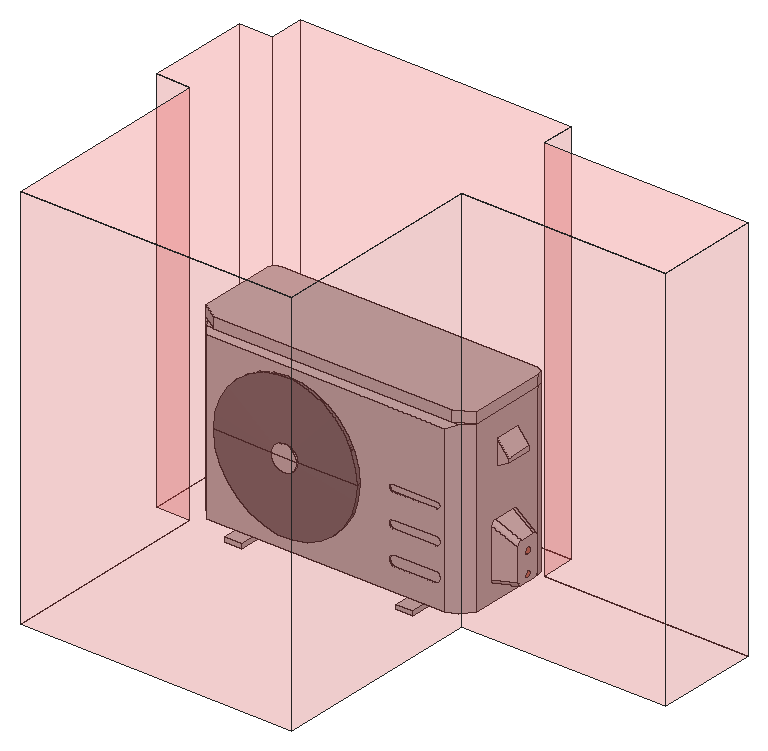
Revit family "Heat Pump-Split System-Outdoor-Carrier-Single Phase-0.75-3 ton", category Mechanical Equipment, Revit 2015
Parameters (values of type "38MAQB09R--1 - 115 v")
  Voltage = 115 V
  Visibility 2 = Cooling Capacity > 5861.42 VA  # no
  Visibility 1 = and(Cooling Capacity > 4982.21 VA, Cooling Capacity < 5568.35 VA)  # no
  Unit Net Weight = 82.90 lbm
  URL = "www.carrier.com"
  Type Comments = "0.75 ton Cooling Capacity - 115 v"
  Shroud Radius = Shroud Diameter / 2  # 8.50"
  Shroud Diameter = if(Cooling Capacity < 5275.28 VA, 17.00", if(Visibility 1, 20.00", 23.00"))  # 17.00"
  Shroud Cap Radius = 1.50"
  Length 28 = Relief Width / 2 + 2.50"  # 5.50"
  Length 26 = Relief Width / 2 + 0.50"  # 3.50"
  Length 25 = if(Visibility 2, Height - 1.24", 0.20")  # 0.20"
  Length 24 [instance] = if(Clearance Zones, Clearance Top, 0.00")  # 24.00"
  Length 23 = if(Cooling Capacity < 7033.71 VA, 0.50", 2.00")  # 0.50"
  Length 22 = if(Cooling Capacity < 7033.71 VA, 1.50", 0.75")  # 1.50"
  Length 21 = DX Shield Width + 1.00"  # 3.75"
  Length 20 = DX Liquid Socket Radius + 0.50"  # 0.775"
  Length 19 = DX Gas Socket Radius + 1.13"  # 1.4675"
  DX Shield Width = 2.75"
  DX Shield Length = 2.79"
  Relief Width = 6.00"
  Relief 3 Height = if(Visibility 1, 1.25", 0.75")  # 0.75"
  Relief 2 Height = if(Visibility 1, 1.25", 1.00")  # 1.00"
  Relief 1 Height = 1.25"
  Model = "38MAQB09R--1"
  Minimum Circuit Amps = 15 A
  Maximum Overcurrent Protection = 20 A
  Manufacturer = "Carrier"
  Lid Width = Body Width - 1.00"  # 11.23"
  Length 9 = DX Gas Socket Radius + 0.10"  # 0.4375"
  Length 8 [instance] = if(Clearance Zones, 0.00", 1.00")  # 0.00"
  Length 7 = Length - 10.00"  # 22.04"
  Length 6 = 0.10"
  Length 5 [instance] = if(Clearance Zones, Clearance Right, 0.00")  # 24.00"
  Length 4 [instance] = if(Clearance Zones, Clearance Left, 0.00")  # 4.00"
  Length 3 [instance] = if(Clearance Zones, Clearance Back, 0.00")  # 4.00"
  Length 2 [instance] = if(Clearance Zones, Clearance Front, 0.00")  # 24.00"
  Length 18 = Relief Width - Relief 3 Height  # 5.25"
  Length 17 = Relief Width - Relief 2 Height  # 5.00"
  Length 16 = Relief Width - Relief 1 Height  # 4.75"
  Length 15 = 2.00"
  Length 14 = Shroud Radius * 2 / 3  # 5.66667"
  Length 13 = Shroud Radius * 1 / 3  # 2.83333"
  Length 12 = 1.50"  # constant formula
  Length 11 = 0.50"  # constant formula
  Length 10 = DX Liquid Socket Radius + 0.10"  # 0.375"
  Highlight Material = Paint - Carrier - Black
  Heating Capacity = 11000.0 Btu/h
  Guard Material 2 = Metal - Carrier - Grille
  Frequency = 60 Hz
  Fan X Offset = Shroud Diameter / 2 + 3.00"  # 11.50"
  Fan Radius = Fan Diameter / 2  # 8.00"
  Fan Material = Metal - Carrier - Fan 1
  Fan Diameter = Shroud Diameter - 1.00"  # 16.00"
  Description = "Heat Pump Outdoor Unit Single Phase"
  DX Liquid Z Offset Label [instance] = if(DX Liquid Z Offset > 6.00" - DX Liquid Socket Radius, 6.00" - DX Liquid Socket Radius, if(DX Liquid Z Offset < DX Liquid Socket Radius, DX Liquid Socket Radius, DX Liquid Z Offset))  # 3.26"
  DX Liquid Z Offset = 3.26"
  DX Liquid Socket Radius = DX Liquid Radius + 0.15"  # 0.275"
  DX Gas Z Offset Label [instance] = if(DX Gas Z Offset > 6.00" - DX Gas Socket Radius, 6.00" - DX Gas Socket Radius, if(DX Gas Z Offset < DX Gas Socket Radius, DX Gas Socket Radius, DX Gas Z Offset))  # 5.6625"
  DX Gas Z Offset = 5.72"
  DX Gas Socket Radius = DX Gas Radius + 0.15"  # 0.3375"
  DX Connection Y Offset = 7.25"
  Cooling Capacity = 9000.0 Btu/h
  Connection Material = Metal - Carrier - Copper
  Clearance Zones [instance] = yes
  Clearance Top [instance] = 24.00"
  Clearance Right [instance] = 24.00"
  Clearance Material = Clearance Zones
  Clearance Left [instance] = 4.00"
  Clearance Front [instance] = 24.00"
  Clearance Back [instance] = 4.00"
  Height = 21.81"
  Power Factor = 0.8
  Phase = 1
  Number of Poles = 2
  Load Classification = HVAC
  Length 1 = (Height - 1.65" - 2.00" - 2.50") / 6  # 2.61"
  Guard Material 1 = Metal - Carrier - Grille Square
  Foot Width = 2.00"
  Foot Center to Center = 20.22"
  DX Liquid Radius = DX Liquid Diameter / 2  # 1/8"
  DX Liquid Diameter = 1/4"
  DX Gas Radius = DX Gas Diameter / 2  # 3/16"
  DX Gas Diameter = 3/8"
  Body Material = Paint - Carrier - Silky Shade
  Base Material = Metal - Carrier - Base Steel
  Length = 32.04"
  Width = 14.36"
  Body Width = 12.23"
  Assembly Code = "D3030200"
  Apparent Load = Voltage * Minimum Circuit Amps / Power Factor  # 2156.25 VA
Reference planes (in)
  plane 1 "Center (Front/Back)": y = 0
  plane 2 "Bottom": z = 0
  plane 3 "Center (Left/Right)": x = 0
  plane 4 "body back": y = 6.115
  plane 5 "body front": y = -6.115
  plane 6 "Left": x = -16.02
  plane 7 "Right": x = 16.02
  plane 8 "Top": z = 21.81
  plane 9: z = 0.65
  plane 10 "base top": z = 0.47
  plane 11: x = -10.11
  plane 12: x = 10.11
  plane 13 "Back": y = 7.18
  plane 14 "Front": y = -7.18
  plane 15 "guard front": y = -6.655
  plane 16: z = 20.57378
  plane 17: x = -14.02
  plane 18: z = 1.05
  plane 19: z = 20.37378
  plane 20: x = 11.11
  plane 21: x = 9.11
  plane 22 "Clearance Left": x = -20.02
  plane 23 "Clearance Back": y = 10.115
  plane 24 "Clearance Right": x = 40.02
  plane 25: y = 4.615
  plane 26: y = -4.615
  plane 27: x = -14.52
  plane 28: y = -6.015
  plane 29 "dx gas z cl": z = 6.37
  plane 30 "dx liquid z cl": z = 3.91
  plane 31: y = 6.6475
  plane 32 "fan 1 z cl": z = 10.905
  plane 33 "fan x cl": x = -4.52
  plane 34 "pipe y cl": y = 0.07
  plane 35 "body right": x = 15.92
  plane 36: z = 15.54283
  plane 37: z = 5.88094
  plane 38: z = 10.71189
  plane 39 "lid front": y = -5.115
  plane 40: y = -3.865
  plane 41: y = -6.555
  plane 42 "relief 1 z cl": z = 4.28167
  plane 43 "relief 2 z cl": z = 8.09333
  plane 44 "relief 3 z cl": z = 11.905
  plane 45 "Shield right": x = 18.81
  plane 46 "dx shield top": z = 7.8375
  plane 47 "dx shield bottom": z = 3.135
  plane 48 "elec body bottom": z = 14.81
  plane 49 "elec body top": z = 17.81
  plane 50 "elec body y cl": y = 0.5
  plane 51: y = -31.18
  plane 52 "clearance top": z = 45.81
  plane 53 "trim void top": z = 0.2
  plane 54: x = 7.02
  plane 55 "relief x cl": x = 10.52
Forms (in)
  Extrusion 1, solid, material "Metal - Carrier - Base Steel" <- "Base Material", detail levels medium+fine
    sketch origin (0, 0, 21.81) x (-1, 0, 0) y (0, -1, 0)
      loop
        line (14.52, -4.615) -> (14.52, 4.615) -> (-14.52, 4.615) -> (-14.52, -4.615) -> (14.52, -4.615)
    from -21.34 to -21.16
  Extrusion 2, solid, material "Paint - Carrier - Silky Shade" <- "Body Material", detail levels medium+fine
    sketch origin (0, 0, 0) x (1, 0, 0) y (0, 1, 0)
      loop
        line (-11.11, 7.18) -> (-11.11, -7.18) -> (-9.11, -7.18) -> (-9.11, 7.18) -> (-11.11, 7.18)
      loop
        line (9.11, 7.18) -> (9.11, -7.18) -> (11.11, -7.18) -> (11.11, 7.18) -> (9.11, 7.18)
    from 0 to 0.47
  Extrusion 3, solid, material "Paint - Carrier - Silky Shade" <- "Body Material", detail levels medium+fine
    sketch origin (0, 0, 0) x (1, 0, 0) y (0, 1, 0)
      loop
        line (-16.02, 5.215) -> (-16.02, -3.865) -> (-14.02, -6.115) -> (14.02, -6.115) -> (16.02, -3.865) -> (16.02, 5.115)
        arc (16.02, 5.115) -> (15.72711, 5.82211) -> (15.02, 6.115) r 1
        line (15.02, 6.115) -> (-15.12, 6.115)
        arc (-15.12, 6.115) -> (-15.7564, 5.8514) -> (-16.02, 5.215) r 0.9
    from 0.65 to 20.57378
  Extrusion 4, solid, detail levels coarse
    sketch origin (0, 0, 0) x (1, 0, 0) y (0, 1, 0)
      loop
        arc (-15.02, 6.115) -> (-15.72711, 5.82211) -> (-16.02, 5.115) r 1
        line (-16.02, 5.115) -> (-16.02, -3.865) -> (-14.02, -6.115) -> (14.02, -6.115) -> (16.02, -3.865) -> (16.02, 5.115)
        arc (16.02, 5.115) -> (15.72711, 5.82211) -> (15.02, 6.115) r 1
        line (15.02, 6.115) -> (-15.02, 6.115)
    from 0 to 21.81
  Extrusion 5, solid, material "Clearance Zones" <- "Clearance Material", visible <- "Clearance Zones"
    sketch origin (0, 0, 0) x (1, 0, 0) y (0, 1, 0)
      loop
        line (-16.02, 10.115) -> (-16.02, 6.115) -> (-20.02, 6.115) -> (-20.02, -6.115) -> (-16.02, -6.115) -> (-16.02, -31.18) -> (16.02, -31.18) -> (16.02, -6.115) -> (40.02, -6.115) -> (40.02, 6.115) -> (16.02, 6.115) -> (16.02, 10.115) -> (-16.02, 10.115)
    from 0 to 45.81
  Extrusion 6, solid, material "Paint - Carrier - Silky Shade" <- "Body Material", detail levels medium+fine
    sketch origin (0, 0, 21.81) x (-1, 0, 0) y (0, -1, 0)
      loop
        arc (15.02, -6.115) -> (15.72711, -5.82211) -> (16.02, -5.115) r 1
        line (16.02, -5.115) -> (16.02, 3.865) -> (14.02, 5.115) -> (-14.02, 5.115) -> (-16.02, 3.865) -> (-16.02, -5.115)
        arc (-16.02, -5.115) -> (-15.72711, -5.82211) -> (-15.02, -6.115) r 1
        line (-15.02, -6.115) -> (15.02, -6.115)
    from -1.23622 to 0
  Extrusion 7, solid, material "Metal - Carrier - Grille" <- "Guard Material 2", detail levels medium+fine
    sketch origin (0, 6.115, 0) x (-1, 0, 0) y (0, 0, 1)
      loop
        line (-10.11, 20.37378) -> (-10.11, 1.05) -> (14.02, 1.05) -> (14.02, 20.37378) -> (-10.11, 20.37378)
    from 0.1 to 0
  Extrusion 8, void
    sketch origin (0, -6.115, 0) x (-1, 0, 0) y (0, 0, 1)
      loop
        circle (4.52, 10.905) r 8
    from -1.065 to 1.5
  Extrusion 9, solid, material "Metal - Carrier - Copper" <- "Connection Material", detail levels medium+fine
    sketch origin (16.02, 0, 0) x (0, 1, 0) y (0, 0, 1)
      loop
        circle (0.07, 3.91) r 0.275
      loop
        circle (0.07, 6.37) r 0.3375
    from -0.2 to -0.1
  Extrusion 10, void
    sketch origin (16.02, 0, 0) x (0, 1, 0) y (0, 0, 1)
      loop
        line (-6.115, 20.57378) -> (-6.115, 20.32378) -> (-5.115, 20.57378) -> (-6.115, 20.57378)
      loop
        line (-6.115, 0.9) -> (-6.115, 0.65) -> (-5.115, 0.65) -> (-6.115, 0.9)
    from -32.04 to 0
  Revolve 11, solid, material "Metal - Carrier - Grille Square" <- "Guard Material 1", detail levels medium+fine
    sketch origin (0, 0, 10.905) x (-1, 0, 0) y (0, -1, 0)
      loop
        line (13.02, 6.43281) -> (6.02, 6.555) -> (6.02, 6.655) -> (4.52, 6.655) -> (4.52, 6.115) -> (13.02, 6.115) -> (13.02, 6.43281)
      axis (4.52, 6.115) -> (4.52, 6.655)
    angle from 0 to 360
  Extrusion 12, void
    sketch origin (0, -6.115, 0) x (-1, 0, 0) y (0, 0, 1)
      loop
        line (-8.145, 4.90667) -> (-12.895, 4.90667)
        arc (-12.895, 4.90667) -> (-13.52, 4.28167) -> (-12.895, 3.65667) r 0.625
        line (-12.895, 3.65667) -> (-8.145, 3.65667)
        arc (-8.145, 3.65667) -> (-7.52, 4.28167) -> (-8.145, 4.90667) r 0.625
      loop
        line (-8.02, 8.59333) -> (-13.02, 8.59333)
        arc (-13.02, 8.59333) -> (-13.52, 8.09333) -> (-13.02, 7.59333) r 0.5
        line (-13.02, 7.59333) -> (-8.02, 7.59333)
        arc (-8.02, 7.59333) -> (-7.52, 8.09333) -> (-8.02, 8.59333) r 0.5
      loop
        line (-7.895, 12.28) -> (-13.145, 12.28)
        arc (-13.145, 12.28) -> (-13.52, 11.905) -> (-13.145, 11.53) r 0.375
        line (-13.145, 11.53) -> (-7.895, 11.53)
        arc (-7.895, 11.53) -> (-7.52, 11.905) -> (-7.895, 12.28) r 0.375
    from 0 to 0.05
  Blend 13, solid, material "Paint - Carrier - Silky Shade" <- "Body Material", detail levels medium+fine
    base sketch origin (16.02, 0, 0) x (0, 1, 0) y (0, 0, 1)
      loop
        arc (-0.805, 7.8375) -> (-1.15855, 7.69105) -> (-1.305, 7.3375) r 0.5
        line (-1.305, 7.3375) -> (-1.305, 3.635)
        arc (-1.305, 3.635) -> (-1.15855, 3.28145) -> (-0.805, 3.135) r 0.5
        line (-0.805, 3.135) -> (0.945, 3.135)
        arc (0.945, 3.135) -> (1.29855, 3.28145) -> (1.445, 3.635) r 0.5
        line (1.445, 3.635) -> (1.445, 7.3375)
        arc (1.445, 7.3375) -> (1.29855, 7.69105) -> (0.945, 7.8375) r 0.5
        line (0.945, 7.8375) -> (-0.805, 7.8375)
    top sketch origin (16.02, 0, 0) x (0, 1, 0) y (0, 0, 1)
      loop
        arc (-1.305, 9.3375) -> (-1.65855, 9.19105) -> (-1.805, 8.8375) r 0.5
        line (-1.805, 8.8375) -> (-1.805, 3.135)
        arc (-1.805, 3.135) -> (-1.65855, 2.78145) -> (-1.305, 2.635) r 0.5
        line (-1.305, 2.635) -> (1.445, 2.635)
        arc (1.445, 2.635) -> (1.79855, 2.78145) -> (1.945, 3.135) r 0.5
        line (1.945, 3.135) -> (1.945, 8.8375)
        arc (1.945, 8.8375) -> (1.79855, 9.19105) -> (1.445, 9.3375) r 0.5
        line (1.445, 9.3375) -> (-1.305, 9.3375)
    from 2.79 to 0
  Extrusion 14, solid, material "Metal - Carrier - Copper" <- "Connection Material", detail levels medium+fine
    sketch origin (18.81, 10.16464, 48) x (0, 1, 0) y (0, 0, 1)
      loop
        circle (-10.09464, -41.63) r 0.3375
      loop
        circle (-10.09464, -44.09) r 0.275
    from 0.01 to -0.1
  Extrusion 15, solid, material "Paint - Carrier - Silky Shade" <- "Body Material", detail levels medium+fine
    sketch origin (0, 0.5, 0) x (-1, 0, 0) y (0, 0, 1)
      loop
        line (-16.02, 17.81) -> (-17.415, 16.1154) -> (-17.415, 15.6154) -> (-16.02, 14.81) -> (-16.02, 17.81)
    from -1.5 to 1.5
  Extrusion 16, solid, material "Paint - Carrier - Silky Shade" <- "Body Material", detail levels medium+fine
    sketch origin (16.02, 0.5, 14.81) x (0.866025, 0, 0.5) y (0, -1, 0)
      loop
        circle (0.69852, 0.75) r 0.25
      loop
        circle (0.69852, -0.75) r 0.25
    from 0 to -0.5
  Extrusion 17, void
    sketch origin (0, 0, 14.81) x (-1, 0, 0) y (0, -1, 0)
      loop
        circle (-7.02, 6.115) r 0.05
    from -14.81 to -14.61
Cuts and joins
  Extrusion 8, Extrusion 10, Extrusion 12, Extrusion 17 cuts Extrusion 3
Lines and regions (in)
  Masking region 1
    outline origin (0, 0, 21.81) x (-1, 0, 0) y (0, -1, 0)
      loop
        arc (15.02, -6.115) -> (15.72711, -5.82211) -> (16.02, -5.115) r 1
        line (16.02, -5.115) -> (16.02, 3.865) -> (14.02, 6.115) -> (-14.02, 6.115) -> (-16.02, 3.865) -> (-16.02, -5.115)
        arc (-16.02, -5.115) -> (-15.72711, -5.82211) -> (-15.02, -6.115) r 1
        line (-15.02, -6.115) -> (15.02, -6.115)
  Masking region 2, detail levels medium+fine
    outline origin (0, 0, 0.47) x (-1, 0, 0) y (0, -1, 0)
      loop
        line (11.11, -7.18) -> (11.11, 7.18) -> (9.11, 7.18) -> (9.11, -7.18) -> (11.11, -7.18)
      loop
        line (-11.11, -7.18) -> (-9.11, -7.18) -> (-9.11, 7.18) -> (-11.11, 7.18) -> (-11.11, -7.18)
  Masking region 3, detail levels coarse
    outline origin (0, 0, 0) x (1, 0, 0) y (0, 0, 1)
      loop
        line (-16.02, 21.81) -> (-16.02, 0) -> (16.02, 0) -> (16.02, 21.81) -> (-16.02, 21.81)
  Masking region 4, detail levels medium+fine
    outline origin (0, 0, 0) x (1, 0, 0) y (0, 0, 1)
      loop
        line (16.02, 0.65) -> (16.02, 2.635) -> (18.81, 3.135) -> (18.81, 7.8375) -> (16.02, 9.3375) -> (16.02, 14.81) -> (17.415, 15.6154) -> (17.415, 16.1154) -> (16.02, 17.81) -> (16.02, 21.81) -> (-16.02, 21.81) -> (-16.02, 0.65) -> (-14.52, 0.65) -> (-14.52, 0.47) -> (-11.11, 0.47) -> (-11.11, 0) -> (-9.11, 0) -> (-9.11, 0.47) -> (9.11, 0.47) -> (9.11, 0) -> (11.11, 0) -> (11.11, 0.47) -> (14.52, 0.47) -> (14.52, 0.65) -> (16.02, 0.65)
  Masking region 5, detail levels coarse
    outline origin (0, 0, 0) x (0, 1, 0) y (0, 0, 1)
      loop
        line (6.115, 21.81) -> (-6.115, 21.81) -> (-6.115, 0) -> (6.115, 0) -> (6.115, 21.81)
  Masking region 6, detail levels medium+fine
    outline origin (0, 0, 0) x (0, 1, 0) y (0, 0, 1)
      loop
        line (4.615, 0.65) -> (6.115, 0.65) -> (6.115, 21.81) -> (-5.115, 21.81) -> (-5.115, 20.57378) -> (-6.115, 20.32378) -> (-6.115, 0.9) -> (-5.115, 0.65) -> (-4.615, 0.65) -> (-4.615, 0.47) -> (-7.18, 0.47) -> (-7.18, 0) -> (7.18, 0) -> (7.18, 0.47) -> (4.615, 0.47) -> (4.615, 0.65)
  Masking region 7, detail levels fine
    outline origin (-16.02, 0, 0) x (0, 1, 0) y (0, 0, 1)
      loop
        line (-6.655, 2.405) -> (-6.115, 2.405) -> (-6.115, 19.405) -> (-6.655, 19.405) -> (-6.655, 2.405)
  Masking region 8, detail levels fine
    outline origin (0, 0, 10.905) x (-1, 0, 0) y (0, -1, 0)
      loop
        line (13.02, 6.115) -> (13.02, 6.655) -> (-3.98, 6.655) -> (-3.98, 6.115) -> (13.02, 6.115)
  Masking region 9, detail levels medium+fine
    outline origin (0, 0, 7.8375) x (0, -1, 0) y (1, 0, 0)
      loop
        line (-1.945, 16.02) -> (1.805, 16.02) -> (1.305, 18.81) -> (-1.445, 18.81) -> (-1.945, 16.02)
  Masking region 10, detail levels medium+fine
    outline origin (0, 0, 17.81) x (-1, 0, 0) y (0, -1, 0)
      loop
        line (-16.02, -2) -> (-16.02, 1) -> (-17.415, 1) -> (-17.415, -2) -> (-16.02, -2)
  symbolic lines, detail levels medium+fine
    curve 1: line (-14.52, -6.655, 0.65) -> (14.52, -6.655, 0.65)
    curve 2: circle (-4.52, -6.655, 10.905) r 1.5 normal (0, -1, 0)
    curve 3: circle (-4.52, -6.655, 10.905) r 8 normal (0, -1, 0)
    curve 4: line (-15.92, -6.115, 20.57378) -> (15.92, -6.115, 20.57378)
    curve 5: line (-14.02, 6.115, 20.37378) -> (10.11, 6.115, 20.37378)
    curve 6: line (10.11, 6.115, 20.37378) -> (10.11, 6.115, 1.05)
    curve 7: line (10.11, 6.115, 1.05) -> (-14.02, 6.115, 1.05)
    curve 8: line (-14.02, 6.115, 1.05) -> (-14.02, 6.115, 20.37378)
    curve 9: line (-16.02, 4.615, 0.47) -> (-16.02, -4.615, 0.47)
    curve 10: line (-16.02, -4.615, 0.65) -> (-16.02, 4.615, 0.65)
    curve 32: circle (16.02, 0.07, 6.37) r 0.3375 normal (1, 0, 0)
    curve 33: circle (16.02, 0.07, 6.37) r 0.1875 normal (1, 0, 0)
    curve 34: circle (16.02, 0.07, 3.91) r 0.125 normal (1, 0, 0)
    curve 35: circle (16.02, 0.07, 3.91) r 0.275 normal (1, 0, 0)
    curve 47: line (14.02, -5.115, 21.81) -> (16.02, -3.865, 21.81)
    curve 48: line (-14.02, -5.115, 21.81) -> (14.02, -5.115, 21.81)
    curve 49: line (-16.02, -3.865, 21.81) -> (-14.02, -5.115, 21.81)
    curve 50: line (0, -3.865, 0.65) -> (0, -3.865, 21.81)
    curve 51: line (0, -5.115, 21.81) -> (0, -5.115, 20.57378)
    curve 52: line (16.02, 0, 21.81) -> (16.02, 0, 0.65)
    curve 53: line (14.90889, -7.18, 20.57378) -> (14.02, -7.18, 20.32378)
    curve 54: line (14.02, -7.18, 20.32378) -> (-14.02, -7.18, 20.32378)
    curve 55: line (14.02, -7.18, 0.9) -> (14.02, -7.18, 20.32378)
    curve 56: line (14.02, -7.18, 0.9) -> (14.90889, -7.18, 0.65)
    curve 57: line (-14.02, -7.18, 0.9) -> (14.02, -7.18, 0.9)
    curve 58: line (-14.90889, -7.18, 0.65) -> (-14.02, -7.18, 0.9)
    curve 59: line (-14.02, -7.18, 20.32378) -> (-14.90889, -7.18, 20.57378)
    curve 60: line (-14.02, -7.18, 21.81) -> (-14.02, -7.18, 20.57378)
    curve 61: line (14.02, -7.18, 20.57378) -> (14.02, -7.18, 21.81)
    curve 62: line (13.145, -7.18, 12.28) -> (7.895, -7.18, 12.28)
    curve 63: arc (7.895, -7.18, 12.28) -> (7.52, -7.18, 11.905) -> (7.895, -7.18, 11.53) r 0.375
    curve 64: line (7.895, -7.18, 11.53) -> (13.145, -7.18, 11.53)
    curve 65: arc (13.145, -7.18, 11.53) -> (13.52, -7.18, 11.905) -> (13.145, -7.18, 12.28) r 0.375
    curve 66: line (13.02, -7.18, 8.59333) -> (8.02, -7.18, 8.59333)
    curve 67: arc (8.02, -7.18, 8.59333) -> (7.52, -7.18, 8.09333) -> (8.02, -7.18, 7.59333) r 0.5
    curve 68: line (8.02, -7.18, 7.59333) -> (13.02, -7.18, 7.59333)
    curve 69: arc (13.02, -7.18, 7.59333) -> (13.52, -7.18, 8.09333) -> (13.02, -7.18, 8.59333) r 0.5
    curve 70: line (12.895, -7.18, 4.90667) -> (8.145, -7.18, 4.90667)
    curve 71: arc (8.145, -7.18, 4.90667) -> (7.52, -7.18, 4.28167) -> (8.145, -7.18, 3.65667) r 0.625
    curve 72: line (8.145, -7.18, 3.65667) -> (12.895, -7.18, 3.65667)
    curve 73: arc (12.895, -7.18, 3.65667) -> (13.52, -7.18, 4.28167) -> (12.895, -7.18, 4.90667) r 0.625
    curve 74: line (-14.02, -7.18, 20.32378) -> (-14.02, -7.18, 0.9)
    curve 75: line (-11.11, -7.18, 0.47) -> (11.11, -7.18, 0.47)
    curve 76: line (16.02, -1, 17.81) -> (16.02, 2, 17.81)
    curve 77: line (16.02, -1, 14.81) -> (16.02, -1, 17.81)
    curve 78: line (16.02, 2, 14.81) -> (16.02, -1, 14.81)
    curve 79: line (16.02, 2, 17.81) -> (16.02, 2, 14.81)
    curve 80: line (16.02, 1.945, 8.8375) -> (16.02, 1.945, 3.135)
    curve 81: arc (16.02, 1.945, 3.135) -> (16.02, 1.79855, 2.78145) -> (16.02, 1.445, 2.635) r 0.5
    curve 82: line (16.02, 1.445, 2.635) -> (16.02, -1.305, 2.635)
    curve 83: arc (16.02, -1.305, 2.635) -> (16.02, -1.65855, 2.78145) -> (16.02, -1.805, 3.135) r 0.5
    curve 84: line (16.02, -1.805, 3.135) -> (16.02, -1.805, 8.8375)
    curve 85: arc (16.02, -1.805, 8.8375) -> (16.02, -1.65855, 9.19105) -> (16.02, -1.305, 9.3375) r 0.5
    curve 86: line (16.02, -1.305, 9.3375) -> (16.02, 1.445, 9.3375)
    curve 87: arc (16.02, 1.445, 9.3375) -> (16.02, 1.79855, 9.19105) -> (16.02, 1.945, 8.8375) r 0.5
    curve 88: line (16.02, 0.945, 7.8375) -> (16.02, -0.805, 7.8375)
    curve 89: arc (16.02, -0.805, 7.8375) -> (16.02, -1.15855, 7.69105) -> (16.02, -1.305, 7.3375) r 0.5
    curve 90: line (16.02, -1.305, 7.3375) -> (16.02, -1.305, 3.635)
    curve 91: arc (16.02, -1.305, 3.635) -> (16.02, -1.15855, 3.28145) -> (16.02, -0.805, 3.135) r 0.5
    curve 92: line (16.02, -0.805, 3.135) -> (16.02, 0.945, 3.135)
    curve 93: arc (16.02, 0.945, 3.135) -> (16.02, 1.29855, 3.28145) -> (16.02, 1.445, 3.635) r 0.5
    curve 94: line (16.02, 1.445, 3.635) -> (16.02, 1.445, 7.3375)
    curve 95: arc (16.02, 1.445, 7.3375) -> (16.02, 1.29855, 7.69105) -> (16.02, 0.945, 7.8375) r 0.5
    curve 96: line (16.02, -1, 16.1154) -> (16.02, 2, 16.1154)
    curve 97: line (16.02, -1, 15.6154) -> (16.02, 2, 15.6154)
    curve 98: spline (16.02, -0.25, 15.035) -> (16.02, -0.1853, 15.03926) -> (16.02, -0.125, 15.05175) -> (16.02, -0.07322, 15.07161) -> (16.02, -0.03349, 15.0975) -> (16.02, -0.00852, 15.12765) -> (16.02, 0, 15.16) -> (16.02, -0.00852, 15.19235) -> (16.02, -0.03349, 15.2225) -> (16.02, -0.07322, 15.24839) -> (16.02, -0.125, 15.26825) -> (16.02, -0.1853, 15.28074) -> (16.02, -0.25, 15.285) -> (16.02, -0.3147, 15.28074) -> (16.02, -0.375, 15.26825) -> (16.02, -0.42678, 15.24839) -> (16.02, -0.46651, 15.2225) -> (16.02, -0.49148, 15.19235) -> (16.02, -0.5, 15.16) -> (16.02, -0.49148, 15.12765) -> (16.02, -0.46651, 15.0975) -> (16.02, -0.42678, 15.07161) -> (16.02, -0.375, 15.05175) -> (16.02, -0.3147, 15.03926) -> (16.02, -0.25, 15.035)
    curve 99: spline (16.02, 1.25, 15.035) -> (16.02, 1.3147, 15.03926) -> (16.02, 1.375, 15.05175) -> (16.02, 1.42678, 15.07161) -> (16.02, 1.46651, 15.0975) -> (16.02, 1.49148, 15.12765) -> (16.02, 1.5, 15.16) -> (16.02, 1.49148, 15.19235) -> (16.02, 1.46651, 15.2225) -> (16.02, 1.42678, 15.24839) -> (16.02, 1.375, 15.26825) -> (16.02, 1.3147, 15.28074) -> (16.02, 1.25, 15.285) -> (16.02, 1.1853, 15.28074) -> (16.02, 1.125, 15.26825) -> (16.02, 1.07322, 15.24839) -> (16.02, 1.03349, 15.2225) -> (16.02, 1.00852, 15.19235) -> (16.02, 1, 15.16) -> (16.02, 1.00852, 15.12765) -> (16.02, 1.03349, 15.0975) -> (16.02, 1.07322, 15.07161) -> (16.02, 1.125, 15.05175) -> (16.02, 1.1853, 15.03926) -> (16.02, 1.25, 15.035)
    curve 101: line (-16.02, 6.115, 20.57378) -> (-16.02, -5.115, 20.57378)
  symbolic lines, style "Clearance Zones", visible <- "Clearance Zones"
    curve 11: line (-16.02, 10.115, 21.81) -> (-16.02, 6.115, 21.81)
    curve 12: line (-16.02, 6.115, 21.81) -> (-20.02, 6.115, 21.81)
    curve 13: line (-20.02, 6.115, 21.81) -> (-20.02, -5.115, 21.81)
    curve 14: line (-20.02, -5.115, 21.81) -> (-16.02, -5.115, 21.81)
    curve 15: line (-16.02, -5.115, 21.81) -> (-16.02, -6.115, 21.81)
    curve 16: line (-16.02, -6.115, 21.81) -> (16.02, -6.115, 21.81)
    curve 17: line (16.02, -6.115, 21.81) -> (16.02, -5.115, 21.81)
    curve 18: line (16.02, -5.115, 21.81) -> (40.02, -5.115, 21.81)
    curve 19: line (40.02, -5.115, 21.81) -> (40.02, 6.115, 21.81)
    curve 20: line (40.02, 6.115, 21.81) -> (16.02, 6.115, 21.81)
    curve 21: line (16.02, 6.115, 21.81) -> (16.02, 10.115, 21.81)
    curve 22: line (16.02, 10.115, 21.81) -> (-16.02, 10.115, 21.81)
    curve 24: line (-20.02, 6.115, 45.81) -> (40.02, 6.115, 45.81)
    curve 25: line (-20.02, 6.115, 0) -> (-20.02, 6.115, 45.81)
    curve 26: line (40.02, 6.115, 0) -> (-20.02, 6.115, 0)
    curve 27: line (40.02, 6.115, 45.81) -> (40.02, 6.115, 0)
    curve 28: line (-16.02, 10.115, 45.81) -> (-16.02, -31.18, 45.81)
    curve 29: line (-16.02, 10.115, 0) -> (-16.02, 10.115, 45.81)
    curve 30: line (-16.02, -31.18, 0) -> (-16.02, 10.115, 0)
    curve 31: line (-16.02, -31.18, 45.81) -> (-16.02, -31.18, 0)
  symbolic lines, detail levels coarse
    curve 23: line (16.02, 6.115, 9.3775) -> (16.02, 6.115, 3.73)
  symbolic lines, detail levels fine
    curve 36: line (-16.02, 4.385, 1.05) -> (-16.02, 4.385, 19.57378)
    curve 37: line (-16.02, 4.385, 19.57378) -> (-16.02, -3.115, 19.57378)
    curve 38: line (-16.02, -3.115, 1.05) -> (-16.02, 4.385, 1.05)
    curve 39: line (-16.02, -3.115, 19.57378) -> (-16.02, -3.115, 1.05)
    curve 40: circle (-4.52, -6.655, 10.905) r 8.5 normal (0, -1, 0)
    curve 41: circle (-4.52, -6.655, 10.905) r 2.83333 normal (0, -1, 0)
    curve 42: circle (-4.52, -6.655, 10.905) r 5.66667 normal (0, -1, 0)
    curve 43: line (-4.52, -6.655, 12.405) -> (-4.52, -6.655, 19.405)
    curve 44: line (-3.02, -6.655, 10.905) -> (3.98, -6.655, 10.905)
    curve 45: line (-4.52, -6.655, 9.405) -> (-4.52, -6.655, 2.405)
    curve 46: line (-6.02, -6.655, 10.905) -> (-13.02, -6.655, 10.905)
    curve 102: line (-16.02, 2.51, 19.57378) -> (-16.02, 2.51, 1.05)
    curve 103: line (-16.02, 0.635, 19.57378) -> (-16.02, 0.635, 1.05)
    curve 104: line (-16.02, -1.24, 19.57378) -> (-16.02, -1.24, 1.05)
    curve 105: line (-16.02, 4.385, 5.68094) -> (-16.02, -3.115, 5.68094)
    curve 106: line (-16.02, 4.385, 10.31189) -> (-16.02, -3.115, 10.31189)
    curve 107: line (-16.02, 4.385, 14.94283) -> (-16.02, -3.115, 14.94283)
  symbolic lines, visible <- "Visibility 2", detail levels medium+fine
    curve 100: line (7.02, -7.18, 0.9) -> (7.02, -7.18, 20.32378)
Dimensions and locks (in)
  equal spacing: plane 4 "body back", plane 1 "Center (Front/Back)", plane 5 "body front"
  "Body Width": plane 4 "body back" to plane 5 "body front"
  equal spacing: plane 6 "Left", plane 3 "Center (Left/Right)", plane 7 "Right"
  "Length": plane 6 "Left" to plane 7 "Right"
  "Height": plane 8 "Top" to plane 2 "Bottom"
  locked: plane 6 "Left" to Extrusion 1 sketch curve at 1.5
  locked: Extrusion 1 sketch curve to plane 4 "body back" at 1.5
  locked: Extrusion 1 sketch curve to plane 5 "body front" at 1.5
  equal spacing: plane 13 "Back", plane 1 "Center (Front/Back)", plane 14 "Front"
  "Width": plane 13 "Back" to plane 14 "Front"
  equal spacing: Extrusion 2 sketch curve, plane 11, Extrusion 2 sketch curve
  "Foot Width": Extrusion 2 sketch curve to Extrusion 2 sketch curve  (x2)
  equal spacing: Extrusion 2 sketch curve, plane 12, Extrusion 2 sketch curve
  locked: plane 8 "Top" to plane 16 at 1.23622
  "Foot Width": Masking region 2 sketch curve to Masking region 2 sketch curve  (x2)
  equal spacing: Masking region 2 sketch curve, plane 11, Masking region 2 sketch curve
  equal spacing: Masking region 2 sketch curve, plane 12, Masking region 2 sketch curve
  locked: plane 6 "Left" to Masking region 4 sketch curve at 1.5
  equal spacing: Masking region 4 sketch curve, plane 11, Masking region 4 sketch curve
  "Foot Width": Masking region 4 sketch curve to Masking region 4 sketch curve  (x2)
  equal spacing: Masking region 4 sketch curve, plane 12, Masking region 4 sketch curve
  locked: curve 1 to plane 6 "Left" at 1.5
  locked: plane 17 to plane 6 "Left" at 2
  locked: plane 18 to plane 9 at 0.4
  locked: plane 9 to plane 10 "base top" at 0.18
  locked: plane 10 "base top" to plane 2 "Bottom" at 0.47
  equal spacing: plane 21, plane 12, plane 20
  "Foot Width": plane 21 to plane 20
  "Length 4": plane 22 "Clearance Left" to plane 6 "Left"
  "Length 5": plane 7 "Right" to plane 24 "Clearance Right"
  locked: plane 4 "body back" to plane 25 at 1.5
  locked: plane 26 to plane 5 "body front" at 1.5
  locked: plane 6 "Left" to plane 27 at 1.5
  locked: plane 16 to plane 19 at 0.2
  "Length 8": plane 5 "body front" to Extrusion 5 sketch curve
  "Length 8": Extrusion 5 sketch curve to plane 4 "body back"
  "Length 8": Extrusion 5 sketch curve to plane 7 "Right"
  "Length 8": plane 6 "Left" to Extrusion 5 sketch curve
  "DX Gas Z Offset": plane 29 "dx gas z cl" to plane 9
  "DX Liquid Z Offset": plane 30 "dx liquid z cl" to plane 9
  equal spacing: plane 13 "Back", plane 31, plane 4 "body back"
  "Length 8": plane 4 "body back" to curve 20
  "Length 8": curve 21 to plane 7 "Right"
  "Length 8": plane 6 "Left" to curve 11
  "DX Connection Y Offset": plane 14 "Front" to plane 34 "pipe y cl"
  locked: plane 35 "body right" to plane 7 "Right" at 0.1
  locked: plane 15 "guard front" to plane 5 "body front" at 0.54
  locked: curve 37 to plane 16 at 1
  equal spacing: plane 19, plane 36, plane 38, plane 37, plane 18
  "Lid Width": plane 4 "body back" to plane 39 "lid front"
  locked: plane 40 to plane 39 "lid front" at 1.25
  locked: plane 6 "Left" to Extrusion 6 sketch curve at 2
  locked: Extrusion 6 sketch curve to plane 7 "Right" at 2
  equal spacing: plane 8 "Top", plane 32 "fan 1 z cl", plane 2 "Bottom"
  locked: Extrusion 3 sketch curve to plane 39 "lid front" at 1.25  (x2)
  locked: plane 6 "Left" to Extrusion 3 sketch curve at 2
  locked: Extrusion 3 sketch curve to plane 7 "Right" at 2
  Extrusion 10 sketch curve to Extrusion 10 sketch curve = 0.25"
  "Fan X Offset": plane 6 "Left" to plane 33 "fan x cl"
  locked: Extrusion 1 sketch curve to plane 7 "Right" at 1.5
  equal spacing: plane 11, plane 3 "Center (Left/Right)", plane 12
  "Foot Center to Center": plane 11 to plane 12
  "Shroud Radius": Revolve 11 sketch curve to Revolve 11 sketch curve
  "Shroud Cap Radius": Revolve 11 sketch curve to Revolve 11 sketch curve
  locked: plane 41 to plane 15 "guard front" at 0.1
  locked: plane 44 "relief 3 z cl" to plane 32 "fan 1 z cl" at 1
  equal spacing: plane 44 "relief 3 z cl", plane 43 "relief 2 z cl", plane 42 "relief 1 z cl", plane 10 "base top"
  equal spacing: Extrusion 12 sketch curve, plane 42 "relief 1 z cl", Extrusion 12 sketch curve
  "Relief 1 Height": Extrusion 12 sketch curve to Extrusion 12 sketch curve
  equal spacing: Extrusion 12 sketch curve, plane 55 "relief x cl", Extrusion 12 sketch curve  (x3)
  "Length 16": Extrusion 12 sketch curve to Extrusion 12 sketch curve
  equal spacing: Extrusion 12 sketch curve, plane 43 "relief 2 z cl", Extrusion 12 sketch curve
  "Relief 2 Height": Extrusion 12 sketch curve to Extrusion 12 sketch curve
  "Length 17": Extrusion 12 sketch curve to Extrusion 12 sketch curve
  equal spacing: Extrusion 12 sketch curve, plane 44 "relief 3 z cl", Extrusion 12 sketch curve
  "Relief 3 Height": Extrusion 12 sketch curve to Extrusion 12 sketch curve
  "Length 18": Extrusion 12 sketch curve to Extrusion 12 sketch curve
  "DX Shield Length": plane 7 "Right" to plane 45 "Shield right"
  "Length 19": plane 46 "dx shield top" to plane 29 "dx gas z cl"
  "Length 20": plane 30 "dx liquid z cl" to plane 47 "dx shield bottom"
  equal spacing: Blend 13 sketch curve, plane 34 "pipe y cl", Blend 13 sketch curve  (x2)
  "DX Shield Width": Blend 13 sketch curve to Blend 13 sketch curve
  "Length 21": Blend 13 sketch curve to Blend 13 sketch curve
  "Length 22": plane 46 "dx shield top" to Blend 13 sketch curve
  "Length 23": plane 47 "dx shield bottom" to Blend 13 sketch curve
  locked: plane 49 "elec body top" to plane 48 "elec body bottom" at 3
  locked: plane 8 "Top" to plane 49 "elec body top" at 4
  equal spacing: plane 7 "Right", Extrusion 15 sketch curve, plane 45 "Shield right"
  locked: Extrusion 15 sketch curve to Extrusion 15 sketch curve at 0.5
  equal spacing: plane 4 "body back", plane 50 "elec body y cl", plane 39 "lid front"
  locked: Extrusion 16 sketch curve to plane 50 "elec body y cl" at 0.75
  locked: plane 50 "elec body y cl" to Extrusion 16 sketch curve at 0.75
  locked: Extrusion 16 sketch curve to plane 48 "elec body bottom" at 0.34926  (x2)
  locked: Extrusion 10 sketch curve to Extrusion 10 sketch curve at 0.25
  plane 28 to plane 5 "body front" = 0.10"
  equal spacing: Masking region 9 sketch curve, plane 34 "pipe y cl", Masking region 9 sketch curve
  "DX Shield Width": Masking region 9 sketch curve to Masking region 9 sketch curve
  locked: Masking region 9 sketch curve to Masking region 9 sketch curve at 0.5  (x2)
  "Shroud Radius": Masking region 7 sketch curve to plane 32 "fan 1 z cl"  (x2)
  "Length 2": plane 14 "Front" to plane 51
  "Length 3": plane 23 "Clearance Back" to plane 4 "body back"
  "Length 24": plane 52 "clearance top" to plane 8 "Top"
  "Length 22": Masking region 4 sketch curve to plane 46 "dx shield top"
  "Length 23": plane 47 "dx shield bottom" to Masking region 4 sketch curve
  locked: curve 98 to plane 50 "elec body y cl" at 0.75
  locked: plane 50 "elec body y cl" to curve 99 at 0.75
  locked: curve 99 to plane 48 "elec body bottom" at 0.35
  locked: curve 98 to plane 48 "elec body bottom" at 0.35
  "Length 25": plane 53 "trim void top" to plane 2 "Bottom"
  "Length 26": plane 54 to plane 55 "relief x cl"
  locked: curve 99 to curve 99 at 0.125
  locked: curve 98 to curve 98 at 0.125
  "Length 28": plane 55 "relief x cl" to plane 7 "Right"
  "Length 26": plane 55 "relief x cl" to curve 100
  locked: curve 36 to curve 39 at 7.5
  locked: curve 39 to plane 15 "guard front" at 3.54
  equal spacing: curve 37, curve 107, curve 106, curve 105, curve 38
  equal spacing: curve 36, curve 102, curve 103, curve 104, curve 39
  radius of Masking region 1 sketch curve = 1.00"
  radius of Extrusion 4 sketch curve = 1.00"  (x2)
  radius of Extrusion 3 sketch curve = 1.00"
  radius of Extrusion 6 sketch curve = 1.00"  (x2)
  radius of Extrusion 3 sketch curve = 0.90"
  "Fan Radius": radius of Extrusion 8 sketch curve
  "DX Liquid Socket Radius": radius of Extrusion 9 sketch curve
  "DX Gas Socket Radius": radius of Extrusion 9 sketch curve
  "DX Gas Radius": radius of curve 33
  "DX Liquid Radius": radius of curve 34
  "Length 14": radius of curve 42
  "Length 13": radius of curve 41
  radius of Blend 13 sketch curve = 0.50"  (x8)
  locked: Revolve 11 sketch curve to plane 41 (angle 1.00°)
  locked: Extrusion 15 sketch curve to Extrusion 15 sketch curve (angle 60.00°)
  aligned and locked: level to plane 2 "Bottom"
  aligned and locked: Extrusion 1 to plane 10 "base top"
  aligned and locked: plane 9 to Extrusion 1
  aligned and locked: Extrusion 2 sketch curve to plane 14 "Front"
  aligned and locked: Extrusion 2 sketch curve to plane 13 "Back"
  aligned and locked: Extrusion 2 to plane 2 "Bottom"
  aligned and locked: plane 10 "base top" to Extrusion 2
  aligned and locked: Extrusion 3 to plane 9
  aligned and locked: Masking region 2 sketch curve to plane 13 "Back"
  aligned and locked: plane 13 "Back" to Masking region 2 sketch curve
  aligned and locked: Masking region 2 sketch curve to plane 14 "Front"
  aligned and locked: plane 14 "Front" to Masking region 2 sketch curve
  aligned and locked: plane 5 "body front" to Masking region 1 sketch curve
  aligned and locked: Masking region 1 sketch curve to plane 7 "Right"
  aligned and locked: plane 6 "Left" to Masking region 3 sketch curve
  aligned and locked: Masking region 3 sketch curve to plane 7 "Right"
  aligned and locked: Masking region 3 sketch curve to plane 8 "Top"
  aligned and locked: plane 2 "Bottom" to Masking region 3 sketch curve
  aligned and locked: plane 9 to Masking region 4 sketch curve  (x2)
  aligned and locked: Masking region 4 sketch curve to plane 10 "base top"  (x3)
  aligned and locked: Masking region 4 sketch curve to plane 2 "Bottom"  (x2)
  aligned and locked: Masking region 5 sketch curve to plane 4 "body back"
  aligned and locked: Masking region 5 sketch curve to plane 8 "Top"
  aligned and locked: plane 5 "body front" to Masking region 5 sketch curve
  aligned and locked: plane 2 "Bottom" to Masking region 5 sketch curve
  aligned and locked: plane 9 to Masking region 6 sketch curve  (x2)
  aligned and locked: Masking region 6 sketch curve to plane 10 "base top"  (x2)
  aligned and locked: Masking region 6 sketch curve to plane 13 "Back"
  aligned and locked: Masking region 6 sketch curve to plane 14 "Front"
  aligned and locked: plane 2 "Bottom" to Masking region 6 sketch curve
  aligned and locked: Extrusion 4 sketch curve to plane 4 "body back"
  aligned and locked: plane 6 "Left" to Extrusion 4 sketch curve
  aligned and locked: plane 5 "body front" to Extrusion 4 sketch curve
  aligned and locked: Extrusion 4 sketch curve to plane 7 "Right"
  aligned and locked: plane 8 "Top" to Extrusion 4
  aligned and locked: Extrusion 4 to plane 2 "Bottom"
  aligned and locked: plane 22 "Clearance Left" to Extrusion 5 sketch curve
  aligned and locked: Extrusion 5 sketch curve to plane 23 "Clearance Back"
  aligned and locked: Extrusion 5 sketch curve to plane 24 "Clearance Right"
  aligned and locked: Extrusion 5 to plane 2 "Bottom"
  aligned and locked: curve 1 to Extrusion 1
  aligned and locked: Extrusion 6 sketch curve to plane 6 "Left"
  aligned and locked: Extrusion 6 sketch curve to plane 7 "Right"
  aligned and locked: Extrusion 6 sketch curve to plane 4 "body back"
  aligned and locked: Extrusion 6 to plane 16
  aligned and locked: plane 8 "Top" to Extrusion 6
  aligned and locked: Masking region 4 sketch curve to plane 8 "Top"
  aligned and locked: plane 7 "Right" to Masking region 4 sketch curve  (x2)
  aligned and locked: Masking region 4 to curve 1
  aligned and locked: Masking region 6 sketch curve to plane 4 "body back"
  aligned and locked: Masking region 6 sketch curve to plane 8 "Top"
  aligned and locked: plane 5 "body front" to Masking region 6 sketch curve
  aligned and locked: plane 17 to Extrusion 7 sketch curve
  aligned and locked: Extrusion 7 sketch curve to plane 19
  aligned and locked: plane 18 to Extrusion 7 sketch curve
  aligned and locked: curve 5 to Extrusion 7
  aligned and locked: curve 7 to Extrusion 7
  aligned and locked: curve 8 to Extrusion 7
  aligned and locked: plane 25 to Masking region 6 sketch curve
  aligned and locked: plane 26 to Masking region 6 sketch curve
  aligned and locked: curve 9 to Masking region 6
  aligned and locked: Masking region 6 to curve 10
  aligned and locked: Masking region 6 to curve 9  (x2)
  aligned and locked: curve 10 to Masking region 6
  aligned and locked: Extrusion 5 sketch curve to Extrusion 5 sketch curve  (x4)
  aligned and locked: curve 13 to plane 22 "Clearance Left"
  aligned and locked: plane 23 "Clearance Back" to curve 22
  aligned and locked: plane 24 "Clearance Right" to curve 19
  aligned and locked: curve 20 to curve 12
  aligned and locked: curve 14 to curve 18
  aligned and locked: curve 11 to curve 15
  aligned and locked: curve 17 to curve 21
  aligned and locked: plane 12 to Extrusion 7 sketch curve
  aligned and locked: curve 27 to plane 24 "Clearance Right"
  aligned and locked: plane 2 "Bottom" to curve 26
  aligned and locked: plane 22 "Clearance Left" to curve 25
  aligned and locked: plane 2 "Bottom" to curve 30
  aligned and locked: plane 16 to cut or joined group of Extrusion 3, Extrusion 8, Extrusion 10, Extrusion 12, Extrusion 17
  aligned and locked: Masking region 1 sketch curve to Extrusion 6
  aligned and locked: plane 32 "fan 1 z cl" to Extrusion 8 sketch curve
  aligned and locked: plane 33 "fan x cl" to Extrusion 8 sketch curve
  aligned and locked: plane 14 "Front" to Extrusion 8
  aligned and locked: Extrusion 8 to plane 26
  aligned and locked: curve 3 to cut or joined group of Extrusion 3, Extrusion 8, Extrusion 10, Extrusion 12, Extrusion 17
  aligned and locked: plane 34 "pipe y cl" to Extrusion 9 sketch curve  (x2)
  aligned and locked: plane 30 "dx liquid z cl" to Extrusion 9 sketch curve
  aligned and locked: plane 29 "dx gas z cl" to Extrusion 9 sketch curve
  aligned and locked: curve 35 to Extrusion 9
  aligned and locked: curve 32 to Extrusion 9
  aligned and locked: plane 34 "pipe y cl" to curve 33
  aligned and locked: plane 29 "dx gas z cl" to curve 33
  aligned and locked: plane 34 "pipe y cl" to curve 34
  aligned and locked: plane 30 "dx liquid z cl" to curve 34
  aligned and locked: plane 33 "fan x cl" to curve 41
  aligned and locked: plane 32 "fan 1 z cl" to curve 41
  aligned and locked: plane 33 "fan x cl" to curve 42
  aligned and locked: plane 32 "fan 1 z cl" to curve 42
  aligned and locked: plane 39 "lid front" to Extrusion 6 sketch curve
  aligned and locked: plane 40 to Extrusion 6 sketch curve  (x2)
  aligned and locked: Extrusion 3 sketch curve to plane 5 "body front"
  aligned and locked: Extrusion 3 sketch curve to plane 6 "Left"
  aligned and locked: plane 4 "body back" to Extrusion 3 sketch curve
  aligned and locked: Extrusion 3 sketch curve to plane 7 "Right"
  aligned and locked: Extrusion 10 sketch curve to plane 16
  aligned and locked: Extrusion 10 sketch curve to plane 5 "body front"  (x2)
  aligned and locked: plane 39 "lid front" to Extrusion 10 sketch curve  (x2)
  aligned and locked: Extrusion 10 to plane 6 "Left"
  aligned and locked: plane 7 "Right" to Extrusion 10
  aligned and locked: Revolve 11 sketch curve to plane 33 "fan x cl"
  aligned and locked: Revolve 11 sketch curve to Revolve 11 sketch curve
  aligned and locked: Revolve 11 sketch curve to plane 5 "body front"
  aligned and locked: Revolve 11 sketch curve to plane 15 "guard front"
  aligned and locked: plane 41 to Revolve 11 sketch curve
  aligned and locked: Blend 13 sketch curve to plane 47 "dx shield bottom"
  aligned and locked: plane 46 "dx shield top" to Blend 13 sketch curve
  aligned and locked: Blend 13 to plane 45 "Shield right"
  aligned and locked: Blend 13 to plane 7 "Right"
  aligned and locked: Extrusion 14 sketch curve to Extrusion 9  (x2)
  aligned and locked: plane 48 "elec body bottom" to Extrusion 15 sketch curve
  aligned and locked: plane 49 "elec body top" to Extrusion 15 sketch curve
  aligned and locked: Extrusion 15 sketch curve to plane 7 "Right"
  aligned and locked: Extrusion 10 sketch curve to plane 9
  aligned and locked: plane 5 "body front" to Masking region 8 sketch curve
  aligned and locked: Masking region 8 sketch curve to Revolve 11  (x2)
  aligned and locked: Masking region 1 sketch curve to cut or joined group of Extrusion 3, Extrusion 8, Extrusion 10, Extrusion 12, Extrusion 17  (x2)
  aligned and locked: curve 47 to Extrusion 6
  aligned and locked: curve 48 to Extrusion 6
  aligned and locked: curve 49 to Extrusion 6
  aligned and locked: Extrusion 4 sketch curve to cut or joined group of Extrusion 3, Extrusion 8, Extrusion 10, Extrusion 12, Extrusion 17  (x2)
  aligned and locked: Masking region 9 sketch curve to plane 7 "Right"
  aligned and locked: Masking region 9 sketch curve to plane 45 "Shield right"
  aligned and locked: plane 7 "Right" to Masking region 10 sketch curve
  aligned and locked: Masking region 10 sketch curve to Extrusion 15  (x3)
  aligned and locked: plane 5 "body front" to Masking region 7 sketch curve
  aligned and locked: plane 15 "guard front" to Masking region 7 sketch curve
  aligned and locked: Extrusion 4 to curve 50
  aligned and locked: curve 51 to Extrusion 6
  aligned and locked: plane 9 to curve 50
  aligned and locked: curve 2 to Revolve 11
  aligned and locked: Masking region 4 sketch curve to Extrusion 1
  aligned and locked: Masking region 4 sketch curve to plane 45 "Shield right"
  aligned and locked: plane 46 "dx shield top" to Masking region 4 sketch curve
  aligned and locked: plane 47 "dx shield bottom" to Masking region 4 sketch curve
  aligned and locked: Masking region 4 sketch curve to Extrusion 15  (x3)
  aligned and locked: Masking region 4 to curve 52  (x2)
  aligned and locked: curve 52 to Masking region 4
  aligned and locked: curve 40 to Revolve 11
  aligned and locked: curve 53 to cut or joined group of Extrusion 3, Extrusion 8, Extrusion 10, Extrusion 12, Extrusion 17
  aligned and locked: curve 54 to cut or joined group of Extrusion 3, Extrusion 8, Extrusion 10, Extrusion 12, Extrusion 17
  aligned and locked: curve 55 to cut or joined group of Extrusion 3, Extrusion 8, Extrusion 10, Extrusion 12, Extrusion 17
  aligned and locked: curve 57 to cut or joined group of Extrusion 3, Extrusion 8, Extrusion 10, Extrusion 12, Extrusion 17
  aligned and locked: curve 58 to cut or joined group of Extrusion 3, Extrusion 8, Extrusion 10, Extrusion 12, Extrusion 17
  aligned and locked: curve 59 to cut or joined group of Extrusion 3, Extrusion 8, Extrusion 10, Extrusion 12, Extrusion 17
  aligned and locked: curve 60 to Extrusion 6
  aligned and locked: curve 61 to Extrusion 6
  aligned and locked: curve 63 to cut or joined group of Extrusion 3, Extrusion 8, Extrusion 10, Extrusion 12, Extrusion 17
  aligned and locked: curve 65 to cut or joined group of Extrusion 3, Extrusion 8, Extrusion 10, Extrusion 12, Extrusion 17
  aligned and locked: curve 67 to cut or joined group of Extrusion 3, Extrusion 8, Extrusion 10, Extrusion 12, Extrusion 17
  aligned and locked: curve 69 to cut or joined group of Extrusion 3, Extrusion 8, Extrusion 10, Extrusion 12, Extrusion 17
  aligned and locked: curve 71 to cut or joined group of Extrusion 3, Extrusion 8, Extrusion 10, Extrusion 12, Extrusion 17
  aligned and locked: curve 73 to cut or joined group of Extrusion 3, Extrusion 8, Extrusion 10, Extrusion 12, Extrusion 17
  aligned and locked: curve 74 to cut or joined group of Extrusion 3, Extrusion 8, Extrusion 10, Extrusion 12, Extrusion 17
  aligned and locked: curve 75 to Masking region 4  (x2)
  aligned and locked: Masking region 4 to curve 75
  aligned and locked: plane 39 "lid front" to Masking region 6 sketch curve
  aligned and locked: plane 16 to Masking region 6 sketch curve
  aligned and locked: Masking region 6 sketch curve to cut or joined group of Extrusion 3, Extrusion 8, Extrusion 10, Extrusion 12, Extrusion 17  (x2)
  aligned and locked: plane 39 "lid front" to curve 101
  aligned and locked: plane 51 to Extrusion 5 sketch curve
  aligned and locked: Extrusion 5 to plane 52 "clearance top"
  aligned and locked: curve 24 to plane 52 "clearance top"
  aligned and locked: curve 28 to plane 52 "clearance top"
  aligned and locked: plane 51 to curve 31
  aligned and locked: curve 81 to Blend 13
  aligned and locked: curve 83 to Blend 13
  aligned and locked: curve 85 to Blend 13
  aligned and locked: curve 87 to Blend 13
  aligned and locked: curve 89 to Blend 13
  aligned and locked: curve 91 to Blend 13
  aligned and locked: curve 93 to Blend 13
  aligned and locked: curve 95 to Blend 13
  aligned and locked: curve 79 to Extrusion 15
  aligned and locked: curve 77 to Extrusion 15
  aligned and locked: plane 48 "elec body bottom" to curve 78
  aligned and locked: curve 76 to plane 49 "elec body top"
  aligned and locked: curve 96 to Extrusion 15
  aligned and locked: curve 97 to Extrusion 15
  aligned and locked: plane 33 "fan x cl" to nested 1
  aligned and locked: plane 32 "fan 1 z cl" to nested 1
  aligned and locked: nested 1 to plane 26
  aligned and locked: plane 5 "body front" to Extrusion 17 sketch curve
  aligned and locked: Extrusion 17 to plane 2 "Bottom"
  aligned and locked: plane 53 "trim void top" to Extrusion 17
  aligned and locked: plane 54 to Extrusion 17 sketch curve
  aligned and locked: curve 47 to Masking region 1
  aligned and locked: cut or joined group of Extrusion 3, Extrusion 8, Extrusion 10, Extrusion 12, Extrusion 17 to curve 49
  aligned and locked: curve 29 to plane 23 "Clearance Back"
  aligned and locked: plane 4 "body back" to curve 101
  aligned and locked: plane 18 to curve 38
  aligned and locked: curve 36 to curve 105
  aligned and locked: curve 39 to curve 105
  aligned and locked: curve 37 to curve 103
  aligned and locked: curve 38 to curve 104
Automatic sketch dimensions
  Extrusion 15 to Extrusion 16 sketch curve = 0.69852"  (x2)
  curve 51 to plane 16 = 0.00"
  curve 51 to plane 8 "Top" = 0.00"
  curve 50 to plane 8 "Top" = 0.00"
  Masking region 5 sketch curve to plane 8 "Top" = 0.00"
  curve 4 to plane 16 = 0.00"
  plane 35 "body right" to curve 4 = 0.00"
  plane 6 "Left" to curve 4 = 0.10"
  curve 23 to plane 7 "Right" = 0.00"
  curve 6 to plane 12 = 0.00"
  curve 23 to plane 30 "dx liquid z cl" = 0.18"
  plane 15 "guard front" to Masking region 8 sketch curve = 0.00"
  curve 53 to plane 16 = 0.00"
  curve 56 to plane 9 = 0.00"
  curve 58 to plane 9 = 0.00"
  curve 59 to plane 16 = 0.00"
  curve 61 to plane 16 = 0.00"
  curve 60 to plane 16 = 0.00"
  curve 60 to plane 8 "Top" = 0.00"
  curve 61 to plane 8 "Top" = 0.00"
  curve 45 to plane 33 "fan x cl" = 0.00"
  curve 43 to plane 33 "fan x cl" = 0.00"
  curve 46 to plane 32 "fan 1 z cl" = 0.00"
  curve 44 to plane 32 "fan 1 z cl" = 0.00"
  Masking region 4 sketch curve to plane 6 "Left" = 0.00"
  Masking region 4 sketch curve to plane 7 "Right" = 0.00"
  Revolve 11 sketch curve to plane 4 "body back" = 0.56105"
  plane 14 "Front" to Revolve 11 sketch curve = 5.26605"
  curve 17 to plane 39 "lid front" = 0.00"
  curve 16 to plane 5 "body front" = 0.00"
  curve 56 to curve 55 = 0.88889"
  plane 14 "Front" to Extrusion 2 sketch curve = 0.00"
  Extrusion 2 sketch curve to plane 13 "Back" = 0.00"
  plane 43 "relief 2 z cl" to curve 23 = 1.28417"
  curve 10 to plane 26 = 0.00"
  curve 101 to plane 16 = 0.00"
  radius of Extrusion 16 sketch curve = 0.25"  (x2)
  radius of Extrusion 17 sketch curve = 0.05"
Nested families (in)
  nested 1: "Carrier - Fan to be nested - Front" at (-4.52, -4.615, 10.905), type "Carrier - Fan to be nested - Front"
    with Fan Radius 8.00", Fan Diameter 16.00"
Connectors (in)
  cabletrayconduit at (16.62494, -0.25, 15.15926), diameter 0.5
    settings: on Extrusion 16, index 1, connector width 12.00", connector height 12.00", connector angle 0.00°, system type 32, placement type 0, profile type 0, connector reference index -1, is primary connector yes, connector utility param no, connector description "Power Conduit"
  cabletrayconduit at (16.62494, 1.25, 15.15926), diameter 0.5
    settings: on Extrusion 16, index 2, connector width 12.00", connector height 12.00", connector angle 0.00°, system type 32, placement type 0, profile type 0, connector reference index -1, is primary connector no, connector utility param no, connector description "Controls Conduit"
  piping at (18.82, 0.07, 6.37), diameter 0.375, driven by "DX Gas Radius"
    settings: on Extrusion 14, index 3, connector inside diameter 24", connector length 0.00", flow factor 0, pipe flow 0 GPM, pressure drop 0.00 psi, fitting loss kfactor 0, connector angle 0.00°, fixture units 0, engagement length 0.00", angle of deflection 0.00°, flow configuration 0, flow direction 0, fitting loss method 0, system type 22, joint type 0, gender type 0, connector reference index 4, connector utility 0, adjustable connector no, is connector primary yes, connector description "Refrigerant Gas"
  piping at (18.82, 0.07, 3.91), diameter 0.25, driven by "DX Liquid Radius"
    settings: on Extrusion 14, index 4, connector inside diameter 24", connector length 0.00", flow factor 0, pipe flow 0 GPM, pressure drop 0.00 psi, fitting loss kfactor 0, connector angle 0.00°, fixture units 0, engagement length 0.00", angle of deflection 0.00°, flow configuration 0, flow direction 0, fitting loss method 0, system type 22, joint type 0, gender type 0, connector reference index 3, connector utility 0, adjustable connector no, is connector primary no, connector description "Refrigerant Liquid"
  electrical at (16.62494, -0.25, 15.15926), driven by "Number of Poles", driven by "Load Classification", driven by "Voltage", driven by "Apparent Load", driven by "Power Factor"
    settings: on Extrusion 16, index 5, voltage 115 V, apparent load 2156.25 VA, apparent load phase1 0 VA, apparent load phase2 0 VA, apparent load phase3 0 VA, power factor 0.8, load classification "HVAC", number of poles 2, system type 30, power factor state 1, is connector primary yes, connector utility no, sub classification motor no, connector description "Power"
  electrical at (16.62494, 1.25, 15.15926)
    settings: on Extrusion 16, index 6, voltage 0 V, apparent load 0 VA, apparent load phase1 0 VA, apparent load phase2 0 VA, apparent load phase3 0 VA, power factor 1, load classification "Other", number of poles 1, system type 13, power factor state 1, is connector primary no, connector utility no, sub classification motor no, connector description "Controls"
Definition of nested family "Carrier - Fan to be nested - Front"
  Parameters (values of type "Carrier - Fan to be nested - Front")
    Fan Radius = Fan Diameter / 2  # 9.50"
    Fan Material = none
    Fan Diameter = 19.00"
    Depth = 0.50"
  Reference planes (in)
    plane 1 "Center (Front/Back)": y = 0
    plane 2: z = 0
    plane 3 "Center (Left/Right)": x = 0
    plane 4: y = -0.5
  Forms (in)
    Extrusion 1, solid, material <- "Fan Material", detail levels medium+fine
      sketch origin (0, 0, 0) x (1, 0, 0) y (0, 0, 1)
        loop
          circle (0, 0) r 9.5
      from 0 to 0.5
  Dimensions and locks (in)
    "Depth": plane 1 "Center (Front/Back)" to plane 4
    "Fan Radius": radius of Extrusion 1 sketch curve
    aligned and locked: plane 2 to level
    aligned and locked: plane 2 to Extrusion 1 sketch curve
    aligned and locked: plane 3 "Center (Left/Right)" to Extrusion 1 sketch curve
    aligned and locked: Extrusion 1 to plane 4
    aligned and locked: Extrusion 1 to plane 1 "Center (Front/Back)"
Types in the file's own list only (13): name | Voltage | Visibility 2 | Visibility 1 | Unit Net Weight | Type Comments | Shroud Radius | Shroud Diameter | Length 25 | Length 23 | Length 22 | Length 20 | Length 19 | DX Shield Length | Relief 3 Height | Relief 2 Height | Model | Minimum Circuit Amps | Maximum Overcurrent Protection | Lid Width | Length 9 | Length 7 | Length 18 | Length 17 | Length 14 | Length 13 | Length 10 | Heating Capacity | Fan X Offset | Fan Radius | Fan Material | Fan Diameter | DX Liquid Z Offset | DX Liquid Socket Radius | DX Gas Z Offset | DX Gas Socket Radius | DX Connection Y Offset | Cooling Capacity | Height | Length 1 | Foot Center to Center | DX Liquid Radius | DX Liquid Diameter | DX Gas Radius | DX Gas Diameter | Length | Width | Body Width | Apparent Load
  38MAQB12R--1 - 115 v | 115 V | No | No | 82.90 lb | "1 ton Cooling Capacity - 115 v" | 8.50" | 17.00" | 0.20" | 0.50" | 1.50" | 0.78" | 1.53" | 2.79" | 0.75" | 1.00" | "38MAQB12R--1" | 15 A | 20 A | 11.23" | 0.50" | 22.04" | 5.25" | 5.00" | 5.67" | 2.83" | 0.38" | 12000.0 Btu/h | 11.50" | 8.00" | Metal - Carrier - Fan 1 | 16.00" | 3.26" | 0.28" | 5.72" | 0.40" | 7.25" | 12000.0 Btu/h | 21.81" | 2.61" | 20.22" | 1/8" | 1/4" | 1/4" | 1/2" | 32.04" | 14.36" | 12.23" | 2156 VA
  38MAQB09R--3 - 208 v | 208 V | No | No | 91.50 lb | "0.75 ton Cooling Capacity - 208 v" | 8.50" | 17.00" | 0.20" | 0.50" | 1.50" | 0.78" | 1.47" | 2.79" | 0.75" | 1.00" | "38MAQB09R--3" | 9 A | 15 A | 11.23" | 0.44" | 22.04" | 5.25" | 5.00" | 5.67" | 2.83" | 0.38" | 11000.0 Btu/h | 11.50" | 8.00" | Metal - Carrier - Fan 1 | 16.00" | 3.26" | 0.28" | 5.72" | 0.34" | 7.25" | 9000.0 Btu/h | 21.81" | 2.61" | 20.22" | 1/8" | 1/4" | 1/4" | 3/8" | 32.04" | 14.36" | 12.23" | 2340 VA
  38MAQB12R--3 - 208 v | 208 V | No | No | 91.50 lb | "1 ton Cooling Capacity - 208 v" | 8.50" | 17.00" | 0.20" | 0.50" | 1.50" | 0.78" | 1.53" | 2.79" | 0.75" | 1.00" | "38MAQB12R--3" | 9 A | 15 A | 11.23" | 0.50" | 22.04" | 5.25" | 5.00" | 5.67" | 2.83" | 0.38" | 12000.0 Btu/h | 11.50" | 8.00" | Metal - Carrier - Fan 1 | 16.00" | 3.26" | 0.28" | 5.72" | 0.40" | 7.25" | 12000.0 Btu/h | 21.81" | 2.61" | 20.22" | 1/8" | 1/4" | 1/4" | 1/2" | 32.04" | 14.36" | 12.23" | 2340 VA
  38MAQB18R--3 - 208 v | 208 V | No | Yes | 118.20 lb | "1.5 ton Cooling Capacity - 208 v" | 8.50" | 17.00" | 0.20" | 0.50" | 1.50" | 0.78" | 1.53" | 2.80" | 1.25" | 1.25" | "38MAQB18R--3" | 18 A | 25 A | 12.15" | 0.50" | 23.19" | 4.75" | 4.75" | 5.67" | 2.83" | 0.38" | 18000.0 Btu/h | 11.50" | 8.00" | Metal - Carrier - Fan 1 | 16.00" | 3.64" | 0.28" | 6.13" | 0.40" | 7.25" | 18000.0 Btu/h | 27.68" | 3.59" | 21.28" | 1/8" | 1/4" | 1/4" | 1/2" | 33.19" | 14.84" | 13.15" | 4680 VA
  38MAQB24R--3 - 208 v | 208 V | Yes | No | 145.50 lb | "2 ton Cooling Capacity - 208 v" | 11.50" | 23.00" | 30.67" | 0.50" | 1.50" | 0.84" | 1.59" | 3.38" | 0.75" | 1.00" | "38MAQB24R--3" | 20 A | 30 A | 14.27" | 0.56" | 27.78" | 5.25" | 5.00" | 7.67" | 3.83" | 0.44" | 24000.0 Btu/h | 14.50" | 11.00" | Metal - Carrier - Fan 2 | 22.00" | 4.27" | 0.34" | 6.95" | 0.46" | 13.50" | 24000.0 Btu/h | 31.91" | 4.29" | 26.49" | 1/4" | 3/8" | 3/8" | 5/8" | 37.78" | 17.90" | 15.27" | 5200 VA
  38MAQB30R--3 - 208 v | 208 V | Yes | No | 139.80 lb | "2.5 ton Cooling Capacity - 208 v" | 11.50" | 23.00" | 30.67" | 2.00" | 0.75" | 0.84" | 1.59" | 3.38" | 0.75" | 1.00" | "38MAQB30R--3" | 20 A | 30 A | 14.27" | 0.56" | 27.78" | 5.25" | 5.00" | 7.67" | 3.83" | 0.44" | 30000.0 Btu/h | 14.50" | 11.00" | Metal - Carrier - Fan 2 | 22.00" | 4.27" | 0.34" | 6.95" | 0.46" | 13.50" | 30000.0 Btu/h | 31.91" | 4.29" | 26.49" | 1/4" | 3/8" | 3/8" | 5/8" | 37.78" | 17.90" | 15.27" | 5200 VA
  38MAQB36R--3 - 208 v | 208 V | Yes | No | 147.30 lb | "3 ton Cooling Capacity - 208 v" | 11.50" | 23.00" | 30.67" | 2.00" | 0.75" | 0.84" | 1.59" | 3.38" | 0.75" | 1.00" | "38MAQB36R--3" | 25 A | 35 A | 14.27" | 0.56" | 27.78" | 5.25" | 5.00" | 7.67" | 3.83" | 0.44" | 36000.0 Btu/h | 14.50" | 11.00" | Metal - Carrier - Fan 2 | 22.00" | 4.27" | 0.34" | 6.95" | 0.46" | 13.50" | 36000.0 Btu/h | 31.91" | 4.29" | 26.49" | 1/4" | 3/8" | 3/8" | 5/8" | 37.78" | 17.90" | 15.27" | 6500 VA
